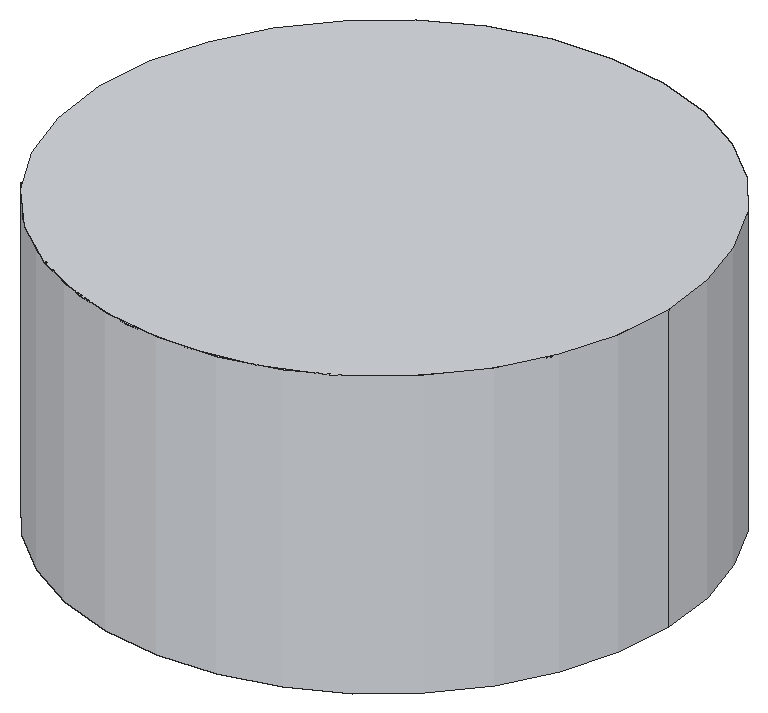
Revit family "08755000", category Specialty Equipment, Revit 2023
Family settings
  Round Connector Dimension = Use Diameter
  Part Type = Normal
  OmniClass Number = 23.40.40.00
  OmniClass Title = Food Service Equipment and Furnishings
  Work Plane-Based = No
  Enable Cutting in Views = Yes
  Always vertical = Yes
  Cut with Voids When Loaded = No
  Maintain Annotation Orientation = No
  Shared = No
  Room Calculation Point = No
Parameters (values of type "Standard")
  URL = "https://www.rustfriebergh.no/produkter/vannbad-varmeskap-varmeri/rbvp-st%C3%A5l"
  Model = "08755000"
  Manufacturer = "Rustfriebergh AS"
  Description = "RBVP-Stål 5GN"
  Default Elevation = 0 mm
Reference planes
  plane 1 "Center (Front/Back)": y = 0
  plane 2: z = 0
  plane 3 "Center (Left/Right)": x = 0
Forms (mm)
  Extrusion 1, solid
    sketch origin (589.818, -276.924, 465.25) x (1, 0, 0) y (0, 1, 0)
      loop
        circle (0, 0) r 3.048
    from 0 to -3.048
Dimensions and locks
  aligned and locked: level to plane 2
Connectors
  electrical at (589.818, -276.924, 465.25)
    settings: on Extrusion 1, index 1, voltage 230 V, apparent load 2000 VA, apparent load phase1 0 VA, apparent load phase2 0 VA, apparent load phase3 0 VA, power factor 0, load classification "Other", number of poles 1, system type 30, power factor state 1, is connector primary yes, connector utility no, sub classification motor no, connector description "Tilførselskabel"
